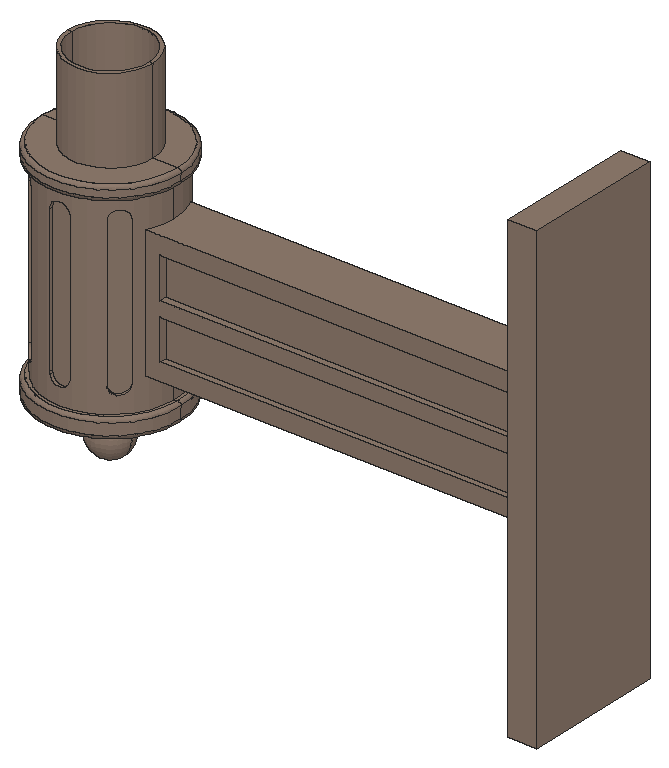
Revit family "WM858", category Generic Models, Revit 2014
Parameters
  WALL MOUNT = Bronze, Architectural
  OUTLET = Bronze, Architectural
  ARM = Bronze, Architectural
Reference planes (in)
  plane 1 "Center (Front/Back)": y = 0
  plane 2: z = 0
  plane 3 "Center (Left/Right)": x = 0
Forms (in)
  Revolve 1, solid, material "Bronze, Architectural" <- "ARM"
    sketch origin (1.25641, 0, -5.6544) x (1, 0, 0) y (0, 0, 1)
      loop
        arc (-20.687, 25.68979) -> (-20.77539, 25.65318) -> (-20.812, 25.56479) r 0.125
        line (-20.812, 25.56479) -> (-20.812, 25.31479)
        arc (-20.812, 25.31479) -> (-20.77539, 25.2264) -> (-20.687, 25.18979) r 0.125
        line (-20.687, 25.18979) -> (-20.562, 25.18979) -> (-20.562, 18.31479) -> (-20.687, 18.31479)
        arc (-20.687, 18.31479) -> (-20.77539, 18.27818) -> (-20.812, 18.18979) r 0.125
        line (-20.812, 18.18979) -> (-20.812, 17.77887)
        arc (-20.812, 17.77887) -> (-20.7888, 17.70633) -> (-20.7278, 17.66072) r 0.125
        line (-20.7278, 17.66072) -> (-18.84642, 17.01108)
        arc (-18.84642, 17.01108) -> (-19.00379, 16.19518) -> (-18.312, 15.73488) r 0.75
        line (-18.312, 15.73488) -> (-18.312, 25.68979) -> (-20.687, 25.68979)
      axis (-18.312, 25.68979) -> (-18.312, 15.73488)
    angle from 0 to 360
  Extrusion 2, solid, material "Bronze, Architectural" <- "ARM"
    sketch origin (1.25641, 0, -5.6544) x (1, 0, 0) y (0, 0, 1)
      loop
        line (-16.44117, 19.43979) -> (-2.5, 19.43979) -> (-2.5, 24.06479) -> (-16.44117, 24.06479) -> (-16.44117, 19.43979)
    from -1 to 1
  Extrusion 3, void
    sketch origin (1.8306, 0, 5.7831) x (1, 0, 0) y (0, 0, 1)
      loop
        arc (-18.52398, 12.98435) -> (-18.8862, 13.34657) -> (-19.24842, 12.98435) r 0.36222
        line (-19.24842, 12.98435) -> (-19.24842, 7.83284)
        arc (-19.24842, 7.83284) -> (-18.8862, 7.47061) -> (-18.52398, 7.83284) r 0.36222
        line (-18.52398, 7.83284) -> (-18.52398, 12.98435)
    from -2.5 to -2.125
  Revolve 4, solid, material "Bronze, Architectural" <- "OUTLET"
    sketch origin (1.25641, 0, 5.7831) x (1, 0, 0) y (0, 0, 1)
      loop
        line (-18.31249, 17.25242) -> (-19.81249, 17.25242) -> (-19.81249, 14.25242) -> (-18.31249, 14.25242) -> (-18.31249, 17.25242)
      axis (-18.31249, 17.25242) -> (-18.31249, 14.25242)
    angle from 0 to 360
  Revolve 5, void
    sketch origin (0.49519, 0, 5.0935) x (1, 0, 0) y (0, 0, 1)
      loop
        line (-17.55127, 14.19202) -> (-17.55127, 17.94202) -> (-18.92627, 17.94202) -> (-18.92627, 14.19202) -> (-17.55127, 14.19202)
      axis (-17.55127, 17.94202) -> (-17.55127, 14.19202)
    angle from 0 to 360
  Extrusion 6, void
    sketch origin (0.125, 0, 0) x (1, 0, 0) y (0, 0, 1)
      loop
        line (-1.63451, 16.33401) -> (-1.63451, 17.77151) -> (-14.63451, 17.77151) -> (-14.63451, 16.33401) -> (-1.63451, 16.33401)
      loop
        line (-1.63451, 14.39651) -> (-1.63451, 15.83401) -> (-14.63451, 15.83401) -> (-14.63451, 14.39651) -> (-1.63451, 14.39651)
    from -1 to -0.75
  Extrusion 7, void
    sketch origin (0.12474, 0, 0) x (1, 0, 0) y (0, 0, 1)
      loop
        line (-1.63451, 16.33401) -> (-1.63451, 17.77151) -> (-14.63451, 17.77151) -> (-14.63451, 16.33401) -> (-1.63451, 16.33401)
      loop
        line (-1.63451, 14.39651) -> (-1.63451, 15.83401) -> (-14.63451, 15.83401) -> (-14.63451, 14.39651) -> (-1.63451, 14.39651)
    from 0.75 to 1
  Extrusion 8, void
    sketch origin (-3.70104, -13.35456, 5.7831) x (0.707107, -0.707107, 0) y (0, 0, 1)
      loop
        arc (-18.52398, 12.98435) -> (-18.8862, 13.34657) -> (-19.24842, 12.98435) r 0.36222
        line (-19.24842, 12.98435) -> (-19.24842, 7.83284)
        arc (-19.24842, 7.83284) -> (-18.8862, 7.47061) -> (-18.52398, 7.83284) r 0.36222
        line (-18.52398, 7.83284) -> (-18.52398, 12.98435)
    from -2.49217 to -2.12475
  Extrusion 9, void
    sketch origin (-3.70104, 13.35456, 5.7831) x (0.707107, 0.707107, 0) y (0, 0, 1)
      loop
        arc (-18.52398, 12.98435) -> (-18.8862, 13.34657) -> (-19.24842, 12.98435) r 0.36222
        line (-19.24842, 12.98435) -> (-19.24842, 7.83284)
        arc (-19.24842, 7.83284) -> (-18.8862, 7.47061) -> (-18.52398, 7.83284) r 0.36222
        line (-18.52398, 7.83284) -> (-18.52398, 12.98435)
    from -2.49873 to -2.12169
  Extrusion 10, void
    sketch origin (-17.0556, 18.8862, 5.7831) x (0, 1, 0) y (0, 0, 1)
      loop
        arc (-18.52398, 12.98435) -> (-18.8862, 13.34657) -> (-19.24842, 12.98435) r 0.36222
        line (-19.24842, 12.98435) -> (-19.24842, 7.83284)
        arc (-19.24842, 7.83284) -> (-18.8862, 7.47061) -> (-18.52398, 7.83284) r 0.36222
        line (-18.52398, 7.83284) -> (-18.52398, 12.98435)
    from -2.49562 to -2.12458
  Extrusion 11, void
    sketch origin (-30.41015, 13.35456, 5.7831) x (-0.707107, 0.707107, 0) y (0, 0, 1)
      loop
        arc (-18.52398, 12.98435) -> (-18.8862, 13.34657) -> (-19.24842, 12.98435) r 0.36222
        line (-19.24842, 12.98435) -> (-19.24842, 7.83284)
        arc (-19.24842, 7.83284) -> (-18.8862, 7.47061) -> (-18.52398, 7.83284) r 0.36222
        line (-18.52398, 7.83284) -> (-18.52398, 12.98435)
    from -2.49353 to -2.1237
  Extrusion 12, void
    sketch origin (-35.94179, 0, 5.7831) x (-1, 0, 0) y (0, 0, 1)
      loop
        arc (-18.52398, 12.98435) -> (-18.8862, 13.34657) -> (-19.24842, 12.98435) r 0.36222
        line (-19.24842, 12.98435) -> (-19.24842, 7.83284)
        arc (-19.24842, 7.83284) -> (-18.8862, 7.47061) -> (-18.52398, 7.83284) r 0.36222
        line (-18.52398, 7.83284) -> (-18.52398, 12.98435)
    from -2.49791 to -2.12409
  Extrusion 13, void
    sketch origin (-30.41015, -13.35456, 5.7831) x (-0.707107, -0.707107, 0) y (0, 0, 1)
      loop
        arc (-18.52398, 12.98435) -> (-18.8862, 13.34657) -> (-19.24842, 12.98435) r 0.36222
        line (-19.24842, 12.98435) -> (-19.24842, 7.83284)
        arc (-19.24842, 7.83284) -> (-18.8862, 7.47061) -> (-18.52398, 7.83284) r 0.36222
        line (-18.52398, 7.83284) -> (-18.52398, 12.98435)
    from -2.50011 to -2.1235
  Extrusion 14, solid, material "Bronze, Architectural" <- "WALL MOUNT"
    sketch origin (0, 0, 0) x (1, 0, 0) y (0, 1, 0)
      loop
        line (-1, 2.50008) -> (-1, -2.49992) -> (0, -2.49992) -> (0, 2.50008) -> (-1, 2.50008)
    from 7.91336 to 24.28741
  Extrusion 15, solid, material "Bronze, Architectural" <- "WALL MOUNT"
    sketch origin (0, 0, 0) x (1, 0, 0) y (0, 1, 0)
      loop
        line (-1.25, 2.00008) -> (-1.25, -2.00008) -> (-1, -2.00008) -> (-1, 2.00008) -> (-1.25, 2.00008)
    from 8.4127 to 23.78697
Cuts and joins
  Extrusion 3, Extrusion 8, Extrusion 9, Extrusion 10, Extrusion 11, Extrusion 12, Extrusion 13 cuts Revolve 1
  Revolve 5 cuts Revolve 4
  Extrusion 6, Extrusion 7 cuts Extrusion 2
Dimensions and locks (in)
  aligned and locked: plane 2 to level
